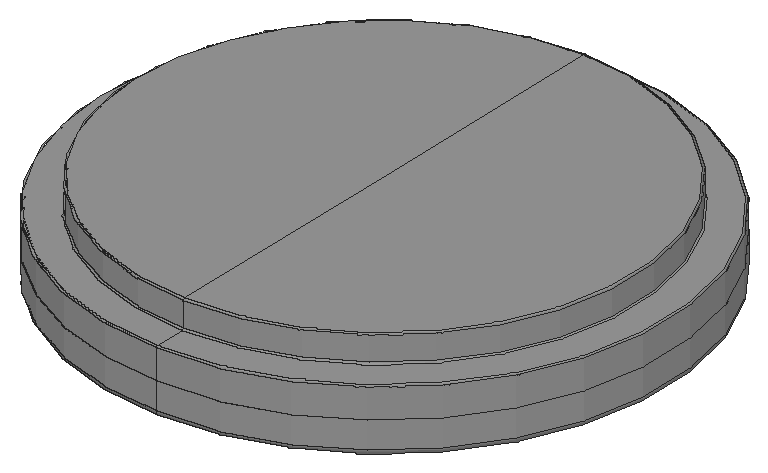
Revit family "FMS1_63_UN_Surface-mounted_ETK", category Lighting Fixtures, Revit 2019 (continued)
Definition of nested family "FMS.1 - Lightsource"
  Parameters (values of type "FMS.1110.10 - Ø270 / 18W / 1120lm / 4000K")
      .3074\t362.9584\t356.0822\t348.9057\t341.5547\t333.4658\t324.7233\t315.2043\t305.4599\r\n295.3979\t285.0138\t274.2949\t263.3441\t252.1436\t240.673\t229.1092\t216.7556\t203.6489\t190.6285\r\n177.6172\t164.6138\t151.9279\t138.069\t124.3573\t110.9691\t98.0454\t84.9215\t72.6465\t61.0698\r\n50.4112\t40.6936\t35.2704\t0\t0\t0\r\n405.3384\t404.7358\t403.6054\t401.6444\t399.3643\t396.5593\t393.314\t389.4309\t385.2102\t380.3495\r\n375.0755\t369.3024\t362.9627\t356.1346\t348.8119\t341.1533\t333.0509\t324.8191\t315.78\t306.215\r\n295.8199\t285.344\t274.4807\t263.3654\t252.0105\t240.3294\t228.4188\t216.2955\t204.1547\t190.9552\r\n177.6559\t164.3516\t151.1392\t138.0976\t124.9346\t111.112\t97.7813\t85.0908\t72.4995\t60.8236\r\n50.1998\t40.6227\t31.9768\t0\t0\t0\r\n405.3384\t404.7394\t403.6288\t401.6757\t399.3884\t396.5714\t393.3026\t389.3159\t385.1739\t380.3831\r\n375.0444\t369.2837\t362.956\t356.1295\t348.8706\t341.18\t332.9079\t324.3902\t315.4019\t306.3387\r\n296.4924\t286.1092\t274.9998\t263.7539\t252.2169\t240.3569\t228.2903\t215.9582\t203.4707\t190.8257\r\n178.1521\t164.6391\t151.0517\t137.6572\t124.4578\t111.6543\t98.0732\t84.9738\t72.5741\t60.6864\r\n50.0183\t40.4977\t31.9697\t4.8432\t0\t0\r\n405.3384\t404.7427\t403.6495\t401.7142\t399.4239\t396.6035\t393.3116\t389.2988\t385.0507\t380.3528\r\n375.0118\t369.216\t362.9424\t356.1024\t348.8405\t341.157\t332.9643\t324.4004\t315.2581\t305.8867\r\n296.1029\t285.938\t275.5954\t264.5683\t253.012\t240.8416\t228.6197\t216.12\t203.4137\t190.5511\r\n177.5394\t164.5113\t151.5042\t137.8415\t124.2858\t111.0124\t98.1587\t85.3964\t72.5721\t60.6586\r\n49.8431\t40.3398\t31.931\t24.5537\t0\t0\r\n405.3384\t404.7456\t403.6676\t401.9218\t399.4709\t396.6554\t393.3437\t389.317\t385.04\t380.243\r\n374.8993\t369.1788\t362.9127\t356.0814\t348.8285\t341.0552\t332.9667\t324.3861\t315.3329\t305.9127\r\n296.0531\t285.7481\t275.1336\t264.1996\t252.9355\t241.4903\t229.4495\t216.9446\t203.9312\t190.8555\r\n177.6361\t164.3347\t151.0106\t137.654\t124.597\t111.2218\t97.8665\t85.0744\t72.9905\t60.8587\r\n49.815\t40.1794\t31.9054\t24.5054\t0\t0\r\n405.3384\t404.7481\t403.6828\t401.9564\t399.6914\t396.7268\t393.4009\t389.3708\t385.0755\t380.2591\r\n374.9017\t369.0922\t362.8034\t355.9918\t348.805\t341.0277\t332.9542\t324.3714\t315.323\t305.9089\r\n296.0316\t285.7934\t275.1661\t264.1403\t252.8273\t241.0499\t229.0201\t216.7244\t204.2369\t191.596\r\n178.5079\t164.9396\t151.3939\t137.7973\t124.3337\t110.9506\t97.9162\t85.2011\t72.5165\t60.7879\r\n50.1751\t40.1846\t31.8501\t23.7681\t2.338\t0\r\n405.3384\t404.7502\t403.6952\t401.9835\t399.7343\t396.9809\t393.6545\t389.6213\t385.1579\t380.3298\r\n374.9735\t369.1608\t362.846\t356.0361\t348.7566\t340.9866\t332.8783\t324.3112\t315.2718\t305.9036\r\n296.0215\t285.8004\t275.1776\t264.1337\t252.8169\t241.0716\t228.9767\t216.6471\t204.0279\t191.1324\r\n178.1226\t164.8871\t151.6027\t138.2841\t125.113\t111.6596\t98.1698\t85.1028\t72.5249\t60.7088\r\n49.8427\t40.2477\t31.8931\t21.6048\t12.7168\t0\r\n405.3384\t404.7519\t403.7047\t402.0029\t399.7635\t397.03\t393.713\t389.7065\t385.4214\t380.5969\r\n375.2629\t369.475\t363.1447\t356.3663\t348.9144\t341.1566\t333.0078\t324.4526\t315.4033\t305.9527\r\n296.0665\t285.8226\t275.1844\t264.1482\t252.8009\t241.0835\t228.992\t216.6758\t204.0446\t191.1483\r\n178.0991\t164.8272\t151.446\t137.9974\t124.5467\t111.2577\t98.1105\t85.2503\t72.8411\t61.1518\r\n50.0901\t40.257\t31.8235\t18.932\t9.3489\t0\r\n405.3384\t404.7532\t403.7114\t402.0142\t399.7786\t397.0514\t393.739\t389.7475\t385.4637\t380.6413\r\n375.3272\t369.5568\t363.2361\t356.4824\t349.2137\t341.4886\t333.3185\t324.7975\t315.7614\t306.3155\r\n296.46\t286.2066\t275.5669\t264.5527\t253.1872\t241.5059\t229.4265\t217.1363\t204.5303\t191.6199\r\n178.5573\t165.3425\t151.9521\t138.4682\t125.0895\t111.6993\t98.5664\t85.5623\t73.0265\t61.1343\r\n50.1318\t40.4051\t31.9542\t21.7475\t6.5313\t5.115\r\n405.3384\t404.754\t403.7153\t402.0176\t399.7799\t397.0445\t393.7329\t389.7445\t385.4448\t380.6084\r\n375.2927\t369.5081\t363.1813\t356.4003\t348.9923\t341.2089\t333.0605\t324.4816\t315.4612\t305.9997\r\n296.1643\t285.8652\t275.2287\t264.2095\t252.8526\t241.1526\t229.101\t216.7417\t204.1781\t191.2242\r\n178.2221\t164.9153\t151.5534\t138.1498\t124.6539\t111.3162\t98.1603\t85.2342\t72.8561\t61.1128\r\n50.0588\t40.2091\t31.6937\t20.0166\t8.2012\t0\r\n405.3384\t404.7543\t403.7164\t402.013\t399.7671\t397.0096\t393.6945\t389.6977\t385.2046\t380.352\r\n375.0326\t369.2271\t362.9198\t356.1028\t348.9072\t341.0925\t332.98\t324.3798\t315.392\t305.9858\r\n296.2178\t285.8843\t275.26\t264.2624\t252.9154\t241.2093\t229.1994\t216.7906\t204.2527\t191.2919\r\n178.3227\t165.0516\t151.7425\t138.4595\t125.2028\t111.7417\t98.2552\t85.1615\t72.5973\t60.695\r\n49.8045\t40.1873\t31.7885\t21.7366\t11.2598\t0\r\n405.3384\t404.7542\t403.7146\t402.0006\t399.7406\t396.7678\t393.4611\t389.4878\t385.1447\t380.2959\r\n374.9894\t369.1909\t362.9156\t356.0932\t349.0203\t341.1855\t333.0998\t324.4896\t315.505\t306.0503\r\n296.2967\t285.9572\t275.331\t264.3672\t253.0197\t241.2839\t229.3045\t217.0032\t204.5011\t191.8693\r\n178.7706\t165.2052\t151.6675\t138.0714\t124.5282\t111.1465\t98.0318\t85.3325\t72.6503\t60.8256\r\n50.1888\t40.1684\t31.7403\t23.8387\t2.1341\t0\r\n405.3384\t404.7538\t403.7099\t401.9802\t399.5366\t396.7102\t393.425\t389.473\t385.1305\t380.2987\r\n375.0145\t369.3042\t363.0627\t356.2162\t349.106\t341.2551\t333.1682\t324.5601\t315.5632\t306.141\r\n296.3633\t286.0264\t275.4542\t264.555\t253.2624\t241.8449\t229.7806\t217.3072\t204.2808\t191.2288\r\n177.9866\t164.6878\t151.3619\t138.0114\t124.8764\t111.4955\t98.1121\t85.3017\t73.1816\t61.0006\r\n49.9354\t40.2492\t31.8581\t24.0616\t0\t0\r\n405.3384\t404.7529\t403.7024\t401.7855\t399.5057\t396.672\t393.4155\t389.4941\t385.1611\t380.4304\r\n375.1514\t369.3736\t363.1395\t356.2714\t349.1759\t341.3116\t333.2219\t324.6532\t315.5562\t306.2275\r\n296.4426\t286.3163\t276.0481\t265.0023\t253.4229\t241.2876\t229.0238\t216.5536\t203.8543\t191.005\r\n177.9846\t164.9422\t151.916\t138.291\t124.7136\t111.4068\t98.5597\t85.7613\t72.9154\t60.9832\r\n50.0561\t40.469\t32.0115\t24.4608\t0\t0\r\n405.3384\t404.7516\t403.6921\t401.7609\t399.4864\t396.6542\t393.4316\t389.5502\t385.2972\t380.4985\r\n375.2108\t369.4721\t363.1917\t356.3183\t349.193\t341.3957\t333.2365\t324.7362\t315.7989\t306.7788\r\n296.9084\t286.5675\t275.5271\t264.2722\t252.7027\t240.881\t228.7997\t216.5107\t204.0057\t191.4\r\n178.6746\t165.1736\t151.62\t138.2129\t125.0328\t112.2055\t98.6188\t85.54\t73.0956\t61.0986\r\n50.3019\t40.733\t32.2345\t4.8967\t0\t0\r\n405.3384\t404.75\t403.6788\t401.7433\t399.4783\t396.6572\t393.4722\t389.7044\t385.3553\t380.5675\r\n375.2574\t369.5435\t363.2413\t356.3845\t349.1744\t341.4877\t333.4438\t325.2596\t316.2784\t306.7217\r\n296.3214\t285.8791\t275.0611\t263.9604\t252.5538\t240.9175\t229.0191\t216.9459\t204.7661\t191.62\r\n178.311\t165.0395\t151.8279\t138.8308\t125.6546\t111.8365\t98.5513\t85.8398\t73.1455\t61.3695\r\n50.6583\t41.0273\t32.3467\t0\t0\t0\r\n405.3384\t404.7481\t403.4984\t401.7323\t399.4809\t396.6816\t393.6002\t389.7628\t385.3879\t380.6249\r\n375.3103\t369.6017\t363.2788\t356.4193\t349.3183\t342.0005\t333.9181\t325.234\t315.723\t306.0027\r\n295.9581\t285.6313\t274.9371\t264.0009\t252.7885\t241.3531\t229.8173\t217.4635\t204.4063\t191.4145\r\n178.427\t165.4423\t152.7479\t138.9494\t125.2565\t111.8804\t98.9846\t85.7966\t73.4077\t61.7586\r\n51.0678\t41.3029\t35.9314\t0\t0\t0\r\n405.3384\t404.7459\t403.4868\t401.7275\t399.4939\t396.8049\t393.6964\t389.8271\t385.4477\t380.6827\r\n375.3624\t369.5737\t363.2853\t356.625\t349.7894\t342.1135\t333.759\t324.599\t315.3556\t305.743\r\n295.8442\t285.6417\t275.1541\t264.3786\t253.3631\t242.055\t229.5599\t217.0052\t204.3824\t191.6906\r\n178.9998\t166.3228\t152.4157\t138.7896\t125.4113\t112.3666\t98.8823\t86.0884\t73.8385\t62.2076\r\n51.4507\t41.5049\t9.2672\t0\t0\t0\r\n405.3384\t404.7435\t403.478\t401.7288\t399.5168\t396.8915\t393.7354\t389.8846\t385.51\t380.7375\r\n375.3452\t369.6573\t363.4574\t357.1354\t349.7768\t341.6159\t333.1585\t324.3199\t315.1808\t305.7265\r\n295.9778\t285.8984\t275.6341\t265.1894\t253.7973\t241.5638\t229.4041\t217.1091\t204.7446\t192.3795\r\n179.7114\t165.8581\t152.3268\t139.0102\t125.9366\t112.2715\t99.1358\t86.5458\t74.2047\t62.612\r\n51.7507\t41.5902\t0\t0\t0\t0\r\n405.3384\t404.741\t403.4718\t401.7355\t399.6011\t396.9432\t393.7681\t389.932\t385.5756\t380.7897\r\n375.443\t369.7964\t363.9098\t357.1325\t349.266\t341.3026\t332.9179\t324.2017\t315.1981\t305.9037\r\n296.2962\t286.4176\t276.3927\t264.9598\t253.3075\t241.5117\t229.5688\t217.5503\t205.6807\t192.889\r\n179.2192\t165.8323\t152.6025\t139.6031\t125.8415\t112.4783\t99.6521\t86.8233\t74.5452\t62.9366\r\n51.9651\t45.2945\t0\t0\t0\t0\r\n405.3384\t404.7384\t403.468\t401.7035\t399.6374\t396.995\t393.7953\t389.976\t385.6432\t380.7904\r\n375.5949\t370.2269\t363.9316\t356.6257\t349.0084\t341.1154\t332.8331\t324.2647\t315.4008\t306.248\r\n296.8025\t287.1037\t276.0069\t264.7758\t253.2929\t241.7441\t230.0366\t218.4803\t205.6712\t192.4158\r\n179.2213\t166.1495\t153.2387\t139.4918\t125.9849\t112.9057\t99.9291\t87.1192\t74.8871\t63.2173\r\n52.1109\t27.9746\t0\t0\t0\t0\r\n405.3384\t404.7356\t403.4661\t401.721\t399.6762\t397.0462\t393.8176\t390.0145\t385.6532\t380.9042\r\n376.0431\t370.2884\t363.5098\t356.3413\t348.8597\t341.046\t332.9079\t324.5096\t315.7699\t306.7777\r\n297.4737\t286.6989\t275.8167\t264.7874\t253.5532\t242.2253\t231.0102\t218.411\t205.3993\t192.4497\r\n179.5316\t166.8\t153.159\t139.579\t126.3414\t113.3926\t100.1751\t87.4289\t75.1955\t63.4659\r\n52.2017\t0\t0\t0\t0\t0\r\n405.3384\t404.733\t403.4662\t401.7455\t399.7183\t397.0964\t393.8361\t390.0426\t385.7336\t381.0623\r\n376.1774\t370.1947\t363.2695\t356.1775\t348.8218\t341.077\t333.1051\t324.8433\t316.2831\t307.407\r\n297.0552\t286.507\t275.8559\t265.0142\t254.068\t243.1527\t230.9509\t218.1938\t205.4481\t192.7251\r\n180.2403\t166.8035\t153.224\t139.9046\t126.9133\t113.5219\t100.4126\t87.721\t75.5131\t63.7099\r\n57.0316\t0\t0\t0\t0\t0\r\n405.3384\t404.5716\t403.4386\t401.8549\t399.7644\t397.1477\t393.8153\t390.002\t385.8374\t381.4986\r\n376.1612\t369.7301\t363.0994\t356.1235\t348.8626\t341.2479\t333.4258\t325.2712\t316.9727\t307.0391\r\n296.8833\t286.5553\t276.0726\t265.4683\t254.9632\t243.4246\t230.701\t218.2156\t205.734\t193.2729\r\n180.506\t166.8251\t153.4668\t140.3769\t127.1788\t113.733\t100.6865\t88.0472\t75.8087\t63.919\r\n43.4528\t0\t0\t0\t0\t0\r\n405.3384\t404.5695\t403.4417\t401.8908\t399.8151\t397.1871\t393.8464\t390.0614\t385.9622\t381.6097\r\n376.0288\t369.5594\t362.993\t356.1449\t348.9704\t341.541\t333.8527\t326.0241\t316.6929\t306.8713\r\n296.8954\t286.7633\t276.4678\t266.0998\t255.327\t242.9729\t230.7031\t218.4384\t206.1859\t193.9199\r\n180.3346\t166.9807\t153.8693\t140.944\t127.3398\t114.0243\t101.0379\t88.3884\t76.1048\t64.1488\r\n6.9749\t0\t0\t0\t0\t0\r\n405.3384\t404.5686\t403.4473\t401.9294\t399.8708\t397.2314\t393.888\t390.1481\t386.3292\t381.6146\r\n375.6081\t369.4572\t362.9708\t356.227\t349.1889\t341.9177\t334.6149\t326.1454\t316.446\t306.8487\r\n297.0678\t287.1294\t277.0477\t266.8305\t254.9174\t242.9076\t230.8971\t218.8564\t206.9584\t193.7008\r\n180.4704\t167.3299\t154.3451\t141.0443\t127.5319\t114.3124\t101.4067\t88.7971\t76.469\t71.0786\r\n0\t0\t0\t0\t0\t0\r\n405.3384\t404.569\t403.4551\t401.9709\t399.9722\t397.2767\t393.8644\t390.2693\t386.4315\t381.5224\r\n375.4757\t369.3969\t363.0172\t356.385\t349.5164\t342.3709\t334.9069\t325.7199\t316.401\t306.979\r\n297.3492\t287.6224\t277.9395\t266.5253\t254.8042\t243.0641\t231.2325\t219.4481\t206.9163\t193.7663\r\n180.6898\t167.7888\t154.9305\t141.1807\t127.788\t114.6467\t101.7684\t89.1631\t76.8256\t62.9035\r\n0\t0\t0\t0\t0\t0\r\n405.3384\t404.5705\t403.4652\t402.0157\t400.0296\t397.3244\t393.9524\t390.3898\t386.4749\t381.113\r\n375.39\t369.382\t363.1266\t356.6158\t349.8921\t343.0771\t334.5968\t325.6122\t316.4672\t307.1637\r\n297.7815\t288.4949\t278.1045\t266.4097\t254.8889\t243.3295\t231.7654\t220.041\t206.912\t193.9248\r\n181.0884\t168.4498\t154.9864\t141.4211\t128.0925\t114.9955\t102.1644\t89.5728\t77.2034\t43.5306\r\n0\t0\t0\t0\t0\t0\r\n405.3384\t404.5732\t403.4775\t402.0644\t400.0795\t397.3766\t394.0366\t390.7644\t386.4775\t380.975\r\n375.3478\t369.4303\t363.2985\t356.906\t350.3047\t343.2698\t334.4485\t325.6355\t316.6363\t307.5138\r\n298.2746\t288.9228\t277.7118\t266.4225\t255.1174\t243.7588\t232.5514\t219.9024\t207.0118\t194.237\r\n181.5343\t168.8621\t155.1371\t141.6853\t128.4567\t115.4149\t102.6013\t89.9956\t77.5994\t6.1612\r\n0\t0\t0\t0\t0\t0\r\n405.3384\t404.605\t403.4921\t402.1706\t400.1256\t397.4349\t394.1374\t390.8498\t386.4029\t380.8564\r\n375.3437\t369.5284\t363.5073\t357.2499\t350.9824\t342.9428\t334.3995\t325.7395\t316.8926\t307.9367\r\n299.1107\t288.6921\t277.6635\t266.5801\t255.4385\t244.3047\t232.8477\t219.9489\t207.2573\t194.6292\r\n182.2468\t168.8709\t155.3197\t141.9922\t128.8173\t115.8454\t103.0693\t90.4482\t83.823\t0\r\n0\t0\t0\t0\t0\t0\r\n405.3384\t404.6092\t403.5089\t402.2202\t400.1649\t397.5054\t394.2569\t390.9141\t386.0396\t380.7981\r\n375.3806\t369.6687\t363.7508\t357.6622\t351.1724\t342.8014\t334.443\t325.8965\t317.2661\t308.4567\r\n299.4568\t288.5546\t277.7444\t266.8384\t255.8901\t245.0273\t232.652\t220.0806\t207.5676\t195.1229\r\n182.656\t169.0149\t155.5887\t142.3178\t129.2005\t116.2829\t103.5207\t90.9268\t73.3602\t0\r\n0\t0\t0\t0\t0\t0\r\n405.3384\t404.614\t403.5281\t402.2649\t400.1971\t397.5179\t394.3957\t390.9455\t385.9448\t380.7925\r\n375.4413\t369.8494\t364.0508\t358.3505\t351.161\t342.7657\t334.5401\t326.1385\t317.6475\t309.3183\r\n299.1891\t288.5712\t277.89\t267.2003\t256.4247\t245.3251\t232.6711\t220.2807\t207.9213\t195.8312\r\n182.7021\t169.2073\t155.8647\t142.6715\t129.6369\t116.7502\t103.9952\t91.3868\t55.3711\t0\r\n0\t0\t0\t0\t0\t0\r\n405.3384\t404.6195\t403.5495\t402.3045\t400.1849\t397.5978\t394.5611\t390.9396\t385.8781\t380.8033\r\n375.5216\t370.0613\t364.3857\t358.5968\t350.8049\t342.7895\t334.6808\t326.4772\t318.1163\t309.6303\r\n299.1657\t288.6692\t278.1592\t267.6065\t257.2226\t245.1417\t232.8538\t220.5787\t208.3699\t196.2276\r\n182.7779\t169.4445\t156.1917\t143.0507\t130.0526\t117.1893\t104.4737\t91.888\t14.9821\t0\r\n0\t0\t0\t0\t0\t0\r\n405.3384\t404.6254\t403.6469\t402.3383\t400.2215\t397.6657\t394.9951\t390.922\t385.84\t380.8256\r\n375.6462\t370.3021\t364.75\t358.7051\t350.7659\t342.8768\t334.8803\t326.8245\t318.9273\t309.6814\r\n299.1757\t288.8703\t278.4899\t268.1142\t257.5065\t245.2123\t233.0786\t220.9546\t208.9027\t196.5301\r\n182.9565\t169.6559\t156.4872\t143.4595\t130.5097\t117.6817\t104.9699\t100.108\t0.6502\t0\r\n0\t0\t0\t0\t0\t0\r\n405.3384\t404.6318\t403.6785\t402.3663\t400.2653\t397.732\t395.2235\t390.6501\t385.8302\t380.8791\r\n375.8045\t370.5591\t365.4\t358.3926\t350.7621\t343.0161\t335.1646\t327.2095\t319.3184\t309.3844\r\n299.2447\t289.0934\t278.9038\t268.8799\t257.3545\t245.3439\t233.3422\t221.3813\t209.5947\t196.4708\r\n183.1827\t169.9774\t156.8633\t143.857\t130.9408\t118.1517\t105.4613\t92.7841\t0\t0\r\n0\t0\t0\t0\t0\t0\r\n405.3384\t404.6385\t403.7052\t402.3881\t400.3166\t397.7952\t395.3429\t390.6457\t385.8372\t380.9677\r\n375.9682\t370.8385\t365.6602\t358.3552\t350.8047\t343.1988\t335.4588\t327.6657\t319.4853\t309.4034\r\n299.4263\t289.3714\t279.3274\t269.2917\t257.4272\t245.5406\t233.6779\t221.8454\t209.9683\t196.6268\r\n183.419\t170.2891\t157.2574\t144.3065\t131.442\t118.6656\t105.9935\t80.5222\t0\t0\r\n0\t0\t0\t0\t0\t0\r\n405.3384\t404.6457\t403.7326\t402.3665\t400.4161\t397.857\t395.396\t390.6723\t385.8834\t381.0767\r\n376.1402\t371.1325\t365.8072\t358.3418\t350.9131\t343.3865\t335.8213\t328.3888\t319.2622\t309.4538\r\n299.6286\t289.7446\t279.8181\t269.489\t257.5447\t245.7949\t234.0481\t222.3431\t210.2072\t196.8266\r\n183.6843\t170.6331\t157.653\t144.7457\t131.9283\t119.1863\t106.5168\t64.2232\t0\t0\r\n0\t0\t0\t0\t0\t0\r\n405.3384\t404.653\t403.7604\t402.3925\t400.4719\t397.9008\t395.3299\t390.7762\t385.9545\t381.2013\r\n376.3717\t371.4185\t365.8707\t358.3762\t351.0464\t343.6475\t336.1597\t328.7689\t319.2512\t309.5955\r\n299.8696\t290.1313\t280.5664\t269.3554\t257.7081\t246.0696\t234.4691\t223.0433\t210.1501\t197.0336\r\n183.9883\t170.9859\t158.0592\t145.1996\t132.404\t119.6892\t118.4422\t23.1728\t0\t0\r\n0\t0\t0\t0\t0\t0\r\n405.3384\t404.6607\t403.7887\t402.4189\t400.5194\t397.9841\t395.3017\t390.8021\t386.0595\t381.3509\r\n376.609\t372.0059\t365.5606\t358.4337\t351.2047\t343.9111\t336.5735\t328.9592\t319.3349\t309.7464\r\n300.1592\t290.5524\t280.9613\t269.4605\t257.9307\t246.4161\t234.914\t223.4171\t210.3211\t197.2897\r\n184.2922\t171.347\t158.483\t145.6681\t132.9075\t120.2165\t117.0674\t9.6552\t0\t0\r\n0\t0\t0\t0\t0\t0\r\n405.3384\t404.6686\t403.8173\t402.4487\t400.4786\t398.0829\t395.2688\t390.7871\t386.236\t381.5158\r\n376.8425\t372.2831\t365.5322\t358.5043\t351.3888\t344.1966\t336.967\t329.1152\t319.3903\t309.9762\r\n300.4823\t290.9786\t281.208\t269.6236\t258.201\t246.7695\t235.373\t223.7185\t210.5437\t197.5625\r\n184.62\t171.7433\t158.9199\t146.1384\t133.4045\t120.7201\t112.4944\t0\t0\t0\r\n0\t0\t0\t0\t0\t0\r\n405.3384\t404.6766\t403.8462\t402.4819\t400.4915\t398.4796\t395.2303\t390.7186\t386.3508\t381.7085\r\n377.0908\t372.472\t365.5842\t358.5935\t351.5911\t344.5067\t337.626\t328.8535\t319.5738\t310.1918\r\n300.8214\t291.4589\t281.3564\t269.774\t258.4546\t247.1517\t236.0692\t223.714\t210.7672\t197.8524\r\n184.9795\t172.1582\t159.3682\t146.6102\t133.9159\t121.2568\t105.4062\t0\t0\t0\r\n0\t0\t0\t0\t0\t0\r\n405.3384\t404.6848\t403.8753\t402.5301\t400.5307\t398.583\t395.2103\t390.7119\t386.3893\t381.9396\r\n377.3461\t372.6104\t365.6471\t358.7464\t351.8034\t344.8396\t337.9433\t328.9321\t319.7183\t310.4987\r\n301.2264\t292.1181\t281.2334\t270.0005\t258.7428\t247.5101\t236.4684\t223.8595\t211.0006\t198.1587\r\n185.3479\t172.5544\t159.8035\t147.094\t134.4184\t121.7849\t96.4328\t0\t0\t0\r\n0\t0\t0\t0\t0\t0\r\n405.3384\t404.6931\t403.9067\t402.5674\t400.5765\t398.6722\t394.9664\t390.7235\t386.4539\t382.113\r\n377.6242\t372.7081\t365.7225\t358.9132\t352.048\t345.1659\t338.1961\t329.0359\t319.9072\t310.7682\r\n301.6096\t292.5131\t281.4098\t270.2271\t259.073\t247.9351\t236.8476\t224.0483\t21
      1.2287\t198.4476\r\n185.6936\t172.9579\t160.2642\t147.5784\t134.9349\t122.3252\t86.1454\t0\t0\t0\r\n0\t0\t0\t0\t0\t0\r\n405.3384\t404.7013\t403.9355\t402.6047\t400.6279\t398.7442\t394.9797\t390.7624\t386.5296\t382.2487\r\n377.8767\t372.7829\t365.8114\t359.0821\t352.3163\t345.4969\t338.3782\t329.1822\t320.1148\t311.0453\r\n301.9788\t292.7783\t281.6012\t270.5091\t259.4318\t248.3563\t237.1582\t224.2779\t211.525\t198.7849\r\n186.0555\t173.3757\t160.7092\t148.07\t135.4623\t122.8612\t75.0755\t0\t0\t0\r\n0\t0\t0\t0\t0\t0\r\n405.3384\t404.7096\t403.9642\t402.6417\t400.696\t398.8169\t394.9997\t390.8276\t386.6209\t382.4\r\n378.4045\t372.5543\t365.9079\t359.2494\t352.5682\t345.8699\t338.5647\t329.3189\t320.3594\t311.3938\r\n302.3891\t292.9835\t281.7699\t270.7837\t259.7753\t248.7659\t237.4402\t224.5309\t211.8182\t199.1223\r\n186.4527\t173.7952\t161.1646\t148.546\t135.9422\t136.5574\t36.2712\t0\t0\t0\r\n0\t0\t0\t0\t0\t0\r\n405.3384\t404.7178\t403.9929\t402.6782\t400.7519\t398.8854\t395.026\t390.892\t386.7324\t382.5558\r\n378.6203\t372.6325\t366.0305\t359.4259\t352.8102\t346.4602\t338.6937\t329.5211\t320.6143\t311.6861\r\n302.7765\t293.2351\t282.0305\t271.0823\t260.1226\t249.1874\t237.6911\t224.7942\t212.1326\t199.4867\r\n186.8497\t174.2259\t161.627\t149.0287\t136.4442\t136.3962\t26.9716\t0\t0\t0\r\n0\t0\t0\t0\t0\t0\r\n405.3384\t404.6914\t404.0217\t402.7091\t400.8043\t398.9593\t395.0594\t390.9615\t386.8432\t382.7092\r\n378.801\t372.7103\t366.1644\t359.6071\t353.0451\t346.7466\t338.5155\t329.6953\t320.856\t312.0088\r\n303.4086\t293.141\t282.2549\t271.3663\t260.4867\t249.8243\t237.7137\t225.078\t212.4489\t199.8329\r\n187.2298\t174.6407\t162.0656\t149.4977\t136.955\t135.4145\t19.5256\t0\t0\t0\r\n0\t0\t0\t0\t0\t0\r\n405.3384\t404.7005\t404.0507\t402.746\t400.8525\t399.0149\t395.1063\t391.0352\t386.9537\t382.8571\r\n378.9473\t372.7817\t366.3088\t359.7982\t353.2745\t346.9636\t338.607\t329.856\t321.0835\t312.3124\r\n303.7495\t293.3407\t282.511\t271.6734\t260.8498\t250.2149\t237.9693\t225.3524\t212.7549\t200.1806\r\n187.6084\t175.0519\t162.4906\t149.9475\t137.4166\t133.8797\t13.6311\t0\t0\t0\r\n0\t0\t0\t0\t0\t0\r\n405.3384\t404.7108\t404.0796\t402.7843\t400.8877\t399.06\t395.1456\t391.1188\t387.0668\t382.9967\r\n379.0731\t372.8602\t366.4344\t359.992\t353.5293\t347.231\t338.7751\t330.037\t321.3186\t312.5878\r\n304.0399\t293.5366\t282.7541\t271.985\t261.2033\t250.5727\t238.235\t225.6682\t213.1063\t200.5484\r\n187.9915\t175.44\t162.9051\t150.3796\t137.8499\t132.1112\t9.049\t0\t0\t0\r\n0\t0\t0\t0\t0\t0\r\n405.3384\t404.7219\t404.1089\t402.8238\t400.9307\t399.0883\t395.1801\t391.1927\t387.1857\t383.169\r\n379.2169\t372.9472\t366.5494\t360.1591\t353.7665\t347.4796\t338.9588\t330.2784\t321.6039\t312.9326\r\n304.37\t293.7905\t283.028\t272.2877\t261.5559\t250.9361\t238.5243\t225.9828\t213.451\t200.9164\r\n188.3884\t175.864\t163.3455\t150.8322\t138.3259\t130.4379\t5.5781\t0\t0\t0\r\n0\t0\t0\t0\t0\t0\r\n405.3384\t404.7342\t404.1351\t402.865\t400.9737\t399.12\t395.2037\t391.2563\t387.2891\t383.3216\r\n379.3873\t373.0758\t366.7069\t360.3353\t353.9603\t347.6673\t339.1189\t330.4846\t321.8502\t313.2065\r\n304.6365\t294.0074\t283.3053\t272.5923\t261.8888\t251.2466\t238.8042\t226.288\t213.7758\t201.2543\r\n188.7472\t176.2444\t163.7419\t151.2436\t138.7407\t128.9732\t3.0455\t0\t0\t0\r\n0\t0\t0\t0\t0\t0\r\n405.3384\t404.7473\t404.1652\t402.9077\t401.0164\t399.1498\t395.2384\t391.3183\t387.3793\t383.4461\r\n379.5207\t373.2102\t366.8716\t360.5312\t354.1897\t347.8811\t339.3172\t330.7163\t322.1136\t313.5188\r\n304.9383\t294.2817\t283.5867\t272.897\t262.2085\t251.5646\t239.0978\t226.5986\t214.1015\t201.6074\r\n189.1137\t176.6257\t164.1331\t151.6523\t139.1633\t127.9276\t1.3255\t0\t0\t0\r\n0\t0\t0\t0\t0\t0\r\n405.3384\t404.7615\t404.1956\t402.9517\t401.0448\t399.145\t395.2486\t391.3511\t387.4664\t383.5602\r\n379.6494\t373.3451\t367.0309\t360.7181\t354.3931\t348.0876\t339.524\t330.9519\t322.3792\t313.8076\r\n305.2448\t294.5755\t283.8944\t273.2262\t262.5489\t251.8832\t239.4077\t226.9344\t214.4518\t201.9798\r\n189.4978\t177.0255\t164.5446\t152.064\t139.5954\t127.4356\t0.3276\t0\t0\t0\r\n0\t0\t0\t0\t0\t0"
    Model = "FMS.1"
    Manufacturer = "ETK B.V."
    built-in parameter 1150105 = 89.127 (stored number, unit not read)
    Lumens = 1120 lm
    built-in parameter 1150115 = 1 (stored number, unit not read)
    built-in parameter 1150137 = (empty or 0)
    built-in parameter 1150139 = (empty or 0)
    built-in parameter 1150112 = 1 (stored number, unit not read)
    built-in parameter 1150114 = 1 (stored number, unit not read)
    Lamp = "LED"
    built-in parameter 1150132 = 2
    built-in parameter 1150102 = (empty or 0)
    built-in parameter 1150107 = 4000 (stored number, unit not read)
    built-in parameter 1150138 = (empty or 0)
    built-in parameter 1150106 = 0.89127 (stored number, unit not read)
    built-in parameter 1150104 = 13.8 (stored number, unit not read)
    Dimming Lamp Color Temperature Shift = (empty or 0)
    Description = "Light sources"
    Default Elevation = 0 mm
    Copyright © IVLighting = "www.ivlighting.nl"
    Color Filter = 16777215
    Bundle = "110°"
    built-in parameter 1114218 = 1 (stored number, unit not read)
    built-in parameter 1150133 = 10 (stored number, unit not read)
    Assembly Code = "63.0"
    Apparent Load = 18 VA
  Types (2, lengths in mm): name | built-in parameter 1150134 | built-in parameter 1150107
    FMS.1100.10 - Ø270 / 18W / 1120lm / 3000K | (empty or 0) | 3000 (stored number, unit not read)
    FMS.1110.10 - Ø270 / 18W / 1120lm / 4000K | 12 | 4000 (stored number, unit not read)
  Reference planes
    plane 1 "Center (Front/Back)": y = 0
    plane 2: z = 0
    plane 3 "Center (Left/Right)": x = 0
  Lines and regions (mm)
    reference lines
      curve 1: line (-0.477, 0, 0) -> (0.475, 0, 0)
  Dimensions and locks
    aligned and locked: level to plane 2
Types (15, lengths in mm): name | Wattage Comments | Radius | Light Source | Distance Luminaire Wall | Distance Luminaire | Diameter | Apparent Load | 63mm Height | 43mm Height
  (no name) | "18W" | 135 | FMS.1 - Lightsource : FMS.1110.10 - Ø270 / 18W / 1120lm / 4000K | -48 | -43 | 270 | 18 VA | no | yes
  FMS.1100.10 - Ø270 / 18W / 1120lm / 3000K | "18W" | 135 | FMS.1 - Lightsource : FMS.1100.10 - Ø270 / 18W / 1120lm / 3000K | -48 | -43 | 270 | 18 VA | no | yes
  FMS.1110.10 - Ø270 / 18W / 1120lm / 4000K | "18W" | 135 | FMS.1 - Lightsource : FMS.1110.10 - Ø270 / 18W / 1120lm / 4000K | -48 | -43 | 270 | 18 VA | no | yes
  FMS.1140.10 - Ø270 / 18W / 1120lm / 3000K | "18W" | 135 | FMS.1 - Lightsource : FMS.1140.10 - Ø270 / 18W / 1120lm / 3000K | -48 | -43 | 270 | 18 VA | no | yes
  FMS.1150.10 - Ø270 / 18W / 1120lm / 4000K | "18W" | 135 | FMS.1 - Lightsource : FMS.1150.10 - Ø270 / 18W / 1120lm / 4000K | -48 | -43 | 270 | 18 VA | no | yes
  FMS.1100.10N - Ø270 / 18W / 1120lm / 3000K | "18W" | 135 | FMS.1 - Lightsource : FMS.1100.10N - Ø270 / 18W / 1120lm / 3000K | -48 | -43 | 270 | 18 VA | no | yes
  FMS.1110.10N - Ø270 / 18W / 1120lm / 4000K | "18W" | 135 | FMS.1 - Lightsource : FMS.1110.10N - Ø270 / 18W / 1120lm / 4000K | -48 | -43 | 270 | 18 VA | no | yes
  FMS.1103.10 - Ø270 / 18W / 1120lm / 3000K | "18W" | 135 | FMS.1 - Lightsource : FMS.1103.10 - Ø270 / 18W / 1120lm / 3000K | -48 | -43 | 270 | 18 VA | no | yes
  FMS.1113.10 - Ø270 / 18W / 1120lm / 4000K | "18W" | 135 | FMS.1 - Lightsource : FMS.1113.10 - Ø270 / 18W / 1120lm / 4000K | -48 | -43 | 270 | 18 VA | no | yes
  FMS.1400.10 - Ø400 / 38W / 2800lm / 3000K | "38W" | 200 | FMS.1 - Lightsource : FMS.1400.10 - Ø400 / 38W / 2800lm / 3000K | -68 | -63 | 400 | 38 VA | yes | no
  FMS.1410.10 - Ø400 / 38W / 2800lm / 4000K | "38W" | 200 | FMS.1 - Lightsource : FMS.1410.10 - Ø400 / 38W / 2800lm / 4000K | -68 | -63 | 400 | 38 VA | yes | no
  FMS.1400.10N - Ø400 / 38W / 2800lm / 3000K | "38W" | 200 | FMS.1 - Lightsource : FMS.1400.10N - Ø400 / 38W / 2800lm / 3000K | -68 | -63 | 400 | 38 VA | yes | no
  FMS.1410N.10 - Ø400 / 38W / 2800lm / 4000K | "38W" | 200 | FMS.1 - Lightsource : FMS.1410.10N - Ø400 / 38W / 2800lm / 4000K | -68 | -63 | 400 | 38 VA | yes | no
  FMS.1403.10 - Ø400 / 38W / 2800lm / 3000K | "38W" | 200 | FMS.1 - Lightsource : FMS.1403.10 - Ø400 / 38W / 2800lm / 3000K | -68 | -63 | 400 | 38 VA | yes | no
  FMS.1413.10 - Ø400 / 38W / 2800lm / 4000K | "38W" | 200 | FMS.1 - Lightsource : FMS.1413.10 - Ø400 / 38W / 2800lm / 4000K | -68 | -63 | 400 | 38 VA | yes | no
